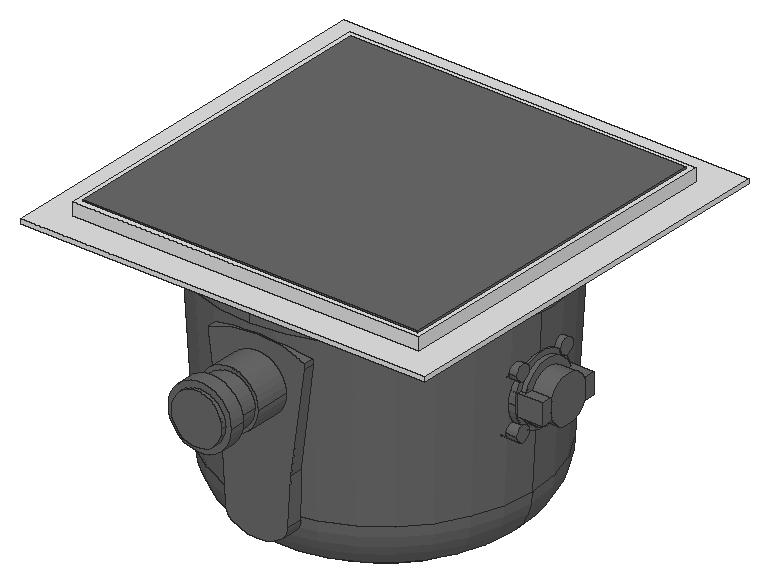
Revit family "280570s(_40)", category Generic Models, Revit 2021
Family settings
  Can host rebar = No
  Round Connector Dimension = Use Diameter
  Part Type = Normal
  Work Plane-Based = No
  Always vertical = Yes
  Cut with Voids When Loaded = No
  Shared = Yes
  Room Calculation Point = No
Parameters (values of type "280570S")
  SUPPLIER = "KESSEL"
  SA700ID50 = "nein"
  SA700ID49 = "Protection Class I"
  SA700ID48 = "no"
  SA700ID47 = "no"
  SA700ID46 = "yes"
  SA700ID37 = 6000 mm
  SA700ID34 = 8
  SA700ID33 = 0.34 W
  SA700ID32 = 10.80 kg
  SA700ID31 = 1
  SA700ID30 = 1
  SA700ID29 = "RWDR"
  SA700ID21 = 600
  SA700ID10 = "No"
  SA700ID08 = 230 V
  PROCUREWEBLINK = "https://p.caden.as/kessel/280570S"
  PROCURELINK = "p.caden.as/kessel/280570S"
  PROCUREDATALASTUPDATE = "2024-05-22T12:17:54.472236775+01:00"
  PREVIEW = "../../bilder/ksb_w_280570s.png"
  PRC_SPECIFICATIONLINK = "https://ausschreiben.de/catalog/kessel/catalogItem/50919aa0-0b56-43c5-8d02-5bb4b387142c"
  NN = "Lifting station Minilift S  Art.-Nr. 28560C"
  NBSYN = "$SA810ID03.(_$L.)"
  NB = "280570S(_40)"
  Model = "280570S"
  Manufacturer = "KESSEL"
  MIdent = "{$CADENAS_DATA/23d-libs/kessel/4/entwaesserung/ktp.prj},198 {VTYP=3D},{NB=280570S(_40)},{LINA=280570S},{NN=Lifting station Minilift S  Art.-Nr. 28560C},{DATE=21.12.2022 12:35:53},{GEOMDATE=21.12.2022 12:35:18},{VERSION=},{LINEID=10},{WBVAR=L},{WBNUMERIC=L}  {NB=280570S(_40)},{LINA=280570S},{KT=DUMMY},{PREVIEW=../../bilder/ksb_w_280570s.png},{SA700ID04=Hebeanlage Minilift S, KTP 300-S1, Bodenplatte, schwarz},{SA810ID06=04026092082553},{LMIN=40.000},{LMAX=200.000},{L=40.000},{SA700ID34=8.00},{SA810ID03=280570S},{SA810ID10=Kessel Minilift S Unterflur, mit schwarzer AbdeckungKleinhebeanlage für fäkalienfreies Abwasser zum Einbau in die Bodenplatte,vormontiert zur bauseitigen Endmontage.- mit teleskopischem Aufsatzstück für stufenlosen Höhen- undNivauausgleich und integriertem Bodenablauf- Bodenteil aus PP, beständig gegen aggressive Abwässer- Inklusive Rückflussverhinderer für die Druckleitung- Inklusive Stutzen DN 50 für Zulauf und Kabelleerrohr- Pumpe mit Freistromrad für höchste Betriebssicherheit- Inklusive Schwimmerschalter zur NiveauerfassungAnlagenart: EinzelanlageFarbe: schwarzAbwasserart: fäkalienfreies AbwasserEinbausituation: innerhalb vom Gebäude - Einbau in die BodenplatteNorm: EN 12050-2Abdeckungsart: Abdeckplatte mit RostAbdeckung Farbe: schwarzVerriegelung: jaBelastungsklasse: K3Länge: 460 mmBreite: 380 mmEinbautiefe T: 330mm - 460 mmZulauf Nennweite: DN50Druckabgang (DN): 32Druckabgang (Da): 40Freier Kugeldurchgang: 10 mmRückflussverhinderer: integriertNutzvolumen: ca. 7,0 lGewicht netto: 11,5 kgPumpentyp: KTP300Anzahl Pumpen: 1Laufrad Typ: FreistromradPumpensteuerung: SchwimmerFördermenge: max. 8,0 m³/hFörderhöhe: max. 6 mFörderguttemperatur dauerhaft (max.): 35 °CNennleistung (P2): 0,21 KWAufnahmeleistung (P1): 0,34 KWBetriebsspannung: 230 V DSNennfrequenz: 50 HzDrehzahl: 2800 1/minNennstrom: 1,6 AAbsicherung: C 16 ASchutzart (Pumpe): IP 68 (3mWS)Betriebsart: S1Temperaturüberwachung: integriertLänge Netzanschlussleitung Pumpe: 5 mTyp Anschlussleitung Pumpe: H07RN-F 3G 1,0 mm²Anschlusstyp: Schuko 2-polig},{SA700ID37=6.00},{SA700ID33=0.34},{SA700ID08=230},{SA700ID30=1},{SA700ID32=10.80},{SA700ID49=Schutzklasse I},{SA700ID50=nein},{SA200ID03=Tauchpumpe},{SA250ID03=vertikal},{SA260ID03=Trockenläuferpumpe},{SA350ID03=normalansaugend},{SA400ID03=E-Motor für Wechselstrom},{SA460ID03=direkt},{SA500ID03=Kunststoff, Edelstahl},{SA700ID06=32},{SA700ID07=50},{SA700ID09=1/N/PE 230V},{SA700ID10=Nein},{SA700ID11=50},{SA700ID12=IP 68},{SA700ID13=F},{SA700ID15=35},{SA700ID21=600.00},{SA700ID22=0.21},{SA700ID23=2800},{SA700ID24=2800},{SA700ID26=2},{SA700ID27=3.80},{SA700ID28=durchgehend},{SA700ID29=RWDR},{SA700ID31=1},{SA700ID46=ja},{SA700ID47=nein},{SA700ID48=nein},{SA110ID04=Hebeanlage Minilift S},{SA300ID03=einstufig},{SA700ID44=MIN},{SA700ID45=MIN},{SA010ID04=KESSEL AG},{L1=40:200},{DNIN1=50},{DNIN2=50},{DNIN3=40},{DNOUT=40},{ISD1=20},{NR=MIN},{SA960ID03=88},{SA960ID04=3L},{SA960ID08=https://www.kessel.de/info?han=280570S},{SA010ID01=010},{SA010ID02=4},{SA010ID06=www.kessel.de},{SA010ID08=4026092000007},{SA100ID01=100},{SA100ID02=4},{SA100ID04=Entwässerung},{SA100ID06=},{SA110ID01=110},{SA110ID02=9},{SA110ID05=},{SA110ID06=Hebeanlage},{SA740ID01=},{SA740ID02=},{SA740ID03=},{SA200ID01=200},{SA200ID02=6},{SA250ID01=250},{SA250ID02=2},{SA260ID01=260},{SA260ID02=2},{SA300ID01=300},{SA300ID02=1},{SA350ID01=350},{SA350ID02=1},{SA400ID01=400},{SA400ID02=1},{SA460ID01=460},{SA460ID02=1},{SA500ID01=500},{SA500ID02=1},{SA700ID01=700},{SA700ID02=88},{SA700ID16=0},{SA700ID25=0},{IGNORIEREN=MIN},{IGNORIERENDUPE1=MIN},{IGNORIERENDUPE2=MIN},{IGNORIERENDUPE3=MIN},{SA800ID01=800},{SA800ID02=2},{SA810ID01=810},{SA810ID02=88},{SA810ID04=280570S},{SA810ID07=88},{SA810ID14=PCE},{SA810ID15=1},{SA810ID16=NMP},{LINK=https://www.kessel.de/info?han=280570S},{IGNORIERENDUPE4=},{SA010ID13=DEU},{SA010ID14=DE},{SA100ID05=Hebeanlage},{SA700ID10_=0},{SA700ID46_=1},{SA700ID47_=0},{SA700ID48_=0},{SA700ID49_=1},{SA700ID50_=0},{SA810ID09=1},{LINK_=https://www.kessel.de/info?han=280570S},{LINK_DEU=https://www.kessel.de/info?han=280570S},{CATEGORY4AB=}"
  LMIN = 40
  LMAX = 200
  LINK = "https://www.kessel.de/info?han=280570S"
  LINA = "280570S"
  L = 40
  Default Elevation = 0 mm
  CREATOR = "CADENAS GmbH"
  CATALOG = "KESSEL"
  BOMINFO = "LINA"
  ARTICLENO = "NB"
  4.810.00.9 Order quantity (multiplicator) = "1"
  4.810.00.7 Media- connection number = "88"
  4.810.00.6 GTIN number = "04026092082553"
  4.810.00.4 DATANORM number = "280570S"
  4.810.00.3 Producer order number = "280570S"
  4.710.03.7 Mass (net) = 10.80 kg
  4.710.03.6 Height = 330 mm
  4.710.03.5 Width = 480 mm
  4.710.03.4 Length = 455 mm
  4.710.03.3 Type of dimensions = "2"
  4.710.02.8 Area of application of wastewater pump = "2"
  4.710.02.6 Duty type = "S1"
  4.710.02.5 Cutting device = "0"
  4.710.02.4 Attached pump control = "1"
  4.710.02.3 Free passage = 10 mm
  4.710.01.6 Option to connect to building automation = "10"
  4.710.01.5 Load regulation = "0"
  4.710.01.4 Designation of closed-loop control = "7"
  4.700.00.9 Voltage = 0
  4.700.00.8 Nominal connection size on suction side = "50"
  4.700.00.7 Nominal connection size on pressure side = "50"
  4.700.00.6 Type of connection = "32"
  4.700.00.4 Product indentification = "Hebeanlage Minilift S, KTP 300-S1, Bodenplatte, schwarz"
  4.700.00.28 Motor pump shaft = "durchgehend"
  4.700.00.27 Starting current = 3.8
  4.700.00.26 Maximum power consumption per pump / drive = 2
  4.700.00.25 Minimum speed at internal speed adjustment = 0
  4.700.00.24 Nominal speed / maximum speed n = 46.6667
  4.700.00.23 Nominal speed of motor = 46.6667
  4.700.00.22 Maximum shaft output (P2) per pump/drive = 0.21 W
  4.700.00.16 Maximum temperature of pumped medium = 0 °C
  4.700.00.15 Increased safety class = "35 °C"
  4.700.00.13 Type of protection = "F"
  4.700.00.12 Frequency = 0
  4.700.00.11 Stern-/Dreieck-Anlaufschaltung bei Dreiphasenanschluss oder Drehstrom = "50 Hz"
  4.700.00.10 Phase = "0"
  4.500.00.3 Variant / Variant type / Accessories-name = "Kunststoff, Edelstahl"
  4.460.00.3 Variant / Variant type / Accessories-name = "direkt"
  4.400.00.3 Variant / Variant type / Accessories-name = "E-Motor für Wechselstrom"
  4.350.00.3 Variant / Variant type / Accessories-name = "normalansaugend"
  4.300.00.3 Variant / Variant type / Accessories-name = "einstufig"
  4.260.00.3 Variant / Variant type / Accessories-name = "Trockenläuferpumpe"
  4.250.00.3 Variant / Variant type / Accessories-name = "vertikal"
  4.200.00.3 Variant / Variant type / Accessories-name = "Tauchpumpe"
  4.110.00.6 Product classification = "Hebeanlage"
  4.110.00.4 Product indentification = "Hebeanlage Minilift S"
  4.100.00.5 Main groups of wares = "Hebeanlage"
  4.100.00.4 Product indentification = "Entwässerung"
  4.010.00.2 Sheet number of the guideline = "4"
Reference planes
  plane 1 "Center (Front/Back)": y = 0
  plane 2: z = 0
  plane 3 "Center (Left/Right)": x = 0
Dimensions and locks
  aligned and locked: level to plane 2
Nested families
  nested 1: "280570s(_40)_content" at (0, 0, 0), type "280570S(_40)_Content"
Connectors
  piping at (202, 0, 171), diameter 40
    settings: on nested 1, index 1, connector inside diameter 609.6 mm, connector length 0 mm, flow factor 0, pipe flow 0.0 L/s, pressure drop 0.0 Pa, fitting loss kfactor 0, connector angle 0.00°, fixture units 0, engagement length 0 mm, angle of deflection 0.00°, flow configuration 0, flow direction 2, fitting loss method 2, system type 29, joint type 0, gender type 0, connector reference index -1, connector utility 0, adjustable connector no, is connector primary yes, connector description ""
Definition of nested family "280570s(_40)_content"
  Parameters (values of type "280570S(_40)_Content")
    SUPPLIER = "KESSEL"
    SA700ID50 = "nein"
    SA700ID49 = "Protection Class I"
    SA700ID48 = "no"
    SA700ID47 = "no"
    SA700ID46 = "yes"
    SA700ID37 = 6000 mm
    SA700ID34 = 8
    SA700ID33 = 0.34 W
    SA700ID32 = 10.80 kg
    SA700ID31 = 1
    SA700ID30 = 1
    SA700ID29 = "RWDR"
    SA700ID21 = 600
    SA700ID10 = "No"
    SA700ID08 = 230 V
    PROCUREWEBLINK = "https://p.caden.as/kessel/280570S"
    PROCURELINK = "p.caden.as/kessel/280570S"
    PROCUREDATALASTUPDATE = "2024-05-22T12:17:54.472236775+01:00"
    PREVIEW = "../../bilder/ksb_w_280570s.png"
    PRC_SPECIFICATIONLINK = "https://ausschreiben.de/catalog/kessel/catalogItem/50919aa0-0b56-43c5-8d02-5bb4b387142c"
    NN = "Lifting station Minilift S  Art.-Nr. 28560C"
    NBSYN = "$SA810ID03.(_$L.)"
    NB = "280570S(_40)"
    Model = "280570S"
    Manufacturer = "KESSEL"
    LMIN = 40
    LMAX = 200
    LINK = "https://www.kessel.de/info?han=280570S"
    LINA = "280570S"
    L = 40
    Default Elevation = 1219.2 mm
    CREATOR = "CADENAS GmbH"
    CATALOG = "KESSEL"
    BOMINFO = "LINA"
    ARTICLENO = "NB"
    4.810.00.9 Order quantity (multiplicator) = "1"
    4.810.00.7 Media- connection number = "88"
    4.810.00.6 GTIN number = "04026092082553"
    4.810.00.4 DATANORM number = "280570S"
    4.810.00.3 Producer order number = "280570S"
    4.710.03.7 Mass (net) = 10.80 kg
    4.710.03.6 Height = 330 mm
    4.710.03.5 Width = 480 mm
    4.710.03.4 Length = 455 mm
    4.710.03.3 Type of dimensions = "2"
    4.710.02.8 Area of application of wastewater pump = "2"
    4.710.02.6 Duty type = "S1"
    4.710.02.5 Cutting device = "0"
    4.710.02.4 Attached pump control = "1"
    4.710.02.3 Free passage = 10 mm
    4.710.01.6 Option to connect to building automation = "10"
    4.710.01.5 Load regulation = "0"
    4.710.01.4 Designation of closed-loop control = "7"
    4.700.00.9 Voltage = 0
    4.700.00.8 Nominal connection size on suction side = "50"
    4.700.00.7 Nominal connection size on pressure side = "50"
    4.700.00.6 Type of connection = "32"
    4.700.00.4 Product indentification = "Hebeanlage Minilift S, KTP 300-S1, Bodenplatte, schwarz"
    4.700.00.28 Motor pump shaft = "durchgehend"
    4.700.00.27 Starting current = 3.8
    4.700.00.26 Maximum power consumption per pump / drive = 2
    4.700.00.25 Minimum speed at internal speed adjustment = 0
    4.700.00.24 Nominal speed / maximum speed n = 46.6667
    4.700.00.23 Nominal speed of motor = 46.6667
    4.700.00.22 Maximum shaft output (P2) per pump/drive = 0.21 W
    4.700.00.16 Maximum temperature of pumped medium = 0 °C
    4.700.00.15 Increased safety class = "35 °C"
    4.700.00.13 Type of protection = "F"
    4.700.00.12 Frequency = 0
    4.700.00.11 Stern-/Dreieck-Anlaufschaltung bei Dreiphasenanschluss oder Drehstrom = "50 Hz"
    4.700.00.10 Phase = "0"
    4.500.00.3 Variant / Variant type / Accessories-name = "Kunststoff, Edelstahl"
    4.460.00.3 Variant / Variant type / Accessories-name = "direkt"
    4.400.00.3 Variant / Variant type / Accessories-name = "E-Motor für Wechselstrom"
    4.350.00.3 Variant / Variant type / Accessories-name = "normalansaugend"
    4.300.00.3 Variant / Variant type / Accessories-name = "einstufig"
    4.260.00.3 Variant / Variant type / Accessories-name = "Trockenläuferpumpe"
    4.250.00.3 Variant / Variant type / Accessories-name = "vertikal"
    4.200.00.3 Variant / Variant type / Accessories-name = "Tauchpumpe"
    4.110.00.6 Product classification = "Hebeanlage"
    4.110.00.4 Product indentification = "Hebeanlage Minilift S"
    4.100.00.5 Main groups of wares = "Hebeanlage"
    4.100.00.4 Product indentification = "Entwässerung"
    4.010.00.2 Sheet number of the guideline = "4"
  Reference planes
    plane 1 "Center (Front/Back)": y = 0
    plane 2: z = 0
    plane 3 "Center (Left/Right)": x = 0
  Forms (mm)
    Extrusion 1, solid, detail levels medium+fine
      sketch origin (0, 0, 0) x (0, 1, 0) y (-1, 0, 0)
        loop
          circle (0, 0) r 110
      from 0 to 66.5
    Revolve 2, solid, detail levels medium+fine
      sketch origin (0, 0, 66.5) x (0, 0, 1) y (-1, 0, 0)
        loop
          line (-61.5, 0) -> (189, 0) -> (189, 174.5) -> (-0.259, 163.499)
          arc (-0.259, 163.499) -> (-43.579, 145.395) -> (-61.5, 102) r 61.5
          line (-61.5, 102) -> (-61.5, 0)
        axis (189, 0) -> (-61.5, 0)
      angle from -360 to 0
    Extrusion 3, solid, detail levels medium+fine
      sketch origin (-150, 0, 193) x (0, -1, 0) y (0, 0, 1)
        loop
          line (-53.15, 37.198) -> (-52.981, 30.888) -> (-37.066, -78.327) -> (-34.544, -131.094)
          arc (-34.544, -131.094) -> (-32.425, -138.461) -> (-27.384, -144.235) r 17.661
          arc (-27.384, -144.235) -> (-18.813, -149.331) -> (-9.223, -152.059) r 38.551
          line (-9.223, -152.059) -> (-7.821, -152.285)
          arc (-7.821, -152.285) -> (-3.921, -152.712) -> (0, -152.853) r 53.771
          arc (0, -152.853) -> (3.921, -152.712) -> (7.821, -152.285) r 53.771
          line (7.821, -152.285) -> (9.223, -152.059)
          arc (9.223, -152.059) -> (18.813, -149.331) -> (27.384, -144.235) r 38.551
          arc (27.384, -144.235) -> (32.425, -138.461) -> (34.544, -131.094) r 17.661
          line (34.544, -131.094) -> (37.066, -78.327) -> (52.981, 30.888) -> (53.15, 37.198)
          arc (53.15, 37.198) -> (44.085, 40.66) -> (34.797, 43.467) r 135.898
          line (34.797, 43.467) -> (27.898, 45.095)
          arc (27.898, 45.095) -> (14.023, 47.252) -> (0, 47.974) r 136.567
          arc (0, 47.974) -> (-14.023, 47.252) -> (-27.898, 45.095) r 136.567
          line (-27.898, 45.095) -> (-34.797, 43.467)
          arc (-34.797, 43.467) -> (-44.085, 40.66) -> (-53.15, 37.198) r 135.898
      from 0 to 25
    Extrusion 4, solid, detail levels medium+fine
      sketch origin (0, 150, 193) x (-1, 0, 0) y (0, 0, 1)
        loop
          line (-53.15, 37.198) -> (-52.981, 30.888) -> (-37.066, -78.327) -> (-34.544, -131.094)
          arc (-34.544, -131.094) -> (-32.425, -138.461) -> (-27.384, -144.235) r 17.661
          arc (-27.384, -144.235) -> (0, -152.853) -> (27.384, -144.235) r 47.815
          arc (27.384, -144.235) -> (32.425, -138.461) -> (34.544, -131.094) r 17.661
          line (34.544, -131.094) -> (37.066, -78.327) -> (52.981, 30.888) -> (53.15, 37.198)
          arc (53.15, 37.198) -> (0, 47.974) -> (-53.15, 37.198) r 136.466
      from 0 to 25
    Extrusion 5, solid, detail levels medium+fine
      sketch origin (0, -150, 193) x (1, 0, 0) y (0, 0, 1)
        loop
          line (-53.15, 37.198) -> (-52.981, 30.888) -> (-37.066, -78.327) -> (-34.544, -131.094)
          arc (-34.544, -131.094) -> (-32.425, -138.461) -> (-27.384, -144.235) r 17.661
          arc (-27.384, -144.235) -> (0, -152.853) -> (27.384, -144.235) r 47.815
          arc (27.384, -144.235) -> (32.425, -138.461) -> (34.544, -131.094) r 17.661
          line (34.544, -131.094) -> (37.066, -78.327) -> (52.981, 30.888) -> (53.15, 37.198)
          arc (53.15, 37.198) -> (0, 47.974) -> (-53.15, 37.198) r 136.466
      from 0 to 25
    Extrusion 6, solid, detail levels medium+fine
      sketch origin (-169.5, 0, 193) x (0, 1, 0) y (0, 0, -1)
        loop
          circle (0, 0) r 32
      from 0 to 37.8
    Extrusion 7, solid, detail levels medium+fine
      sketch origin (-207.3, 0, 193) x (0, 1, 0) y (0, 0, -1)
        loop
          circle (0, 0) r 27.7
      from 0 to 24.75
    Extrusion 8, solid, detail levels medium+fine
      sketch origin (-232, 0, 193) x (0, 1, 0) y (0, 0, -1)
        loop
          circle (0, 0) r 34.75
      from 0 to 15.75
    Extrusion 9, solid, detail levels medium+fine
      sketch origin (-247.75, 0, 193) x (0, 1, 0) y (0, 0, -1)
        loop
          circle (0, 0) r 27.7
      from 0 to 4.6
    Extrusion 10, solid, detail levels medium+fine
      sketch origin (0, -174.5, 193) x (-1, 0, 0) y (0, 0, -1)
        loop
          circle (0, 0) r 32
      from 0 to 37.8
    Extrusion 11, solid, detail levels medium+fine
      sketch origin (0, -212.3, 193) x (-1, 0, 0) y (0, 0, -1)
        loop
          circle (0, 0) r 27.7
      from 0 to 24.75
    Extrusion 12, solid, detail levels medium+fine
      sketch origin (0, -237, 193) x (-1, 0, 0) y (0, 0, -1)
        loop
          circle (0, 0) r 34.75
      from 0 to 15.75
    Extrusion 13, solid, detail levels medium+fine
      sketch origin (0, -252.75, 193) x (-1, 0, 0) y (0, 0, -1)
        loop
          circle (0, 0) r 27.7
      from 0 to 4.6
    Extrusion 14, solid, detail levels medium+fine
      sketch origin (0, 0, 255.5) x (0, 1, 0) y (-1, 0, 0)
        loop
          circle (0, 0) r 184
      from 0 to 29
    Extrusion 15, solid, detail levels medium+fine
      sketch origin (0, 0, 284.5) x (0, 1, 0) y (-1, 0, 0)
        loop
          circle (0, 0) r 190
      from 0 to 5.5
    Extrusion 16, solid, detail levels medium+fine
      sketch origin (0, 0, 290) x (0, 1, 0) y (-1, 0, 0)
        loop
          circle (0, 0) r 185.5
      from 0 to 2
    Extrusion 17, solid, detail levels medium+fine
      sketch origin (-190, -190, 284.5) x (0, 1, 0) y (0, 0, 1)
        loop
          line (0, 7.5) -> (0, 0) -> (380, 0) -> (380, 7.5) -> (0, 7.5)
      from 0 to 380
    Extrusion 18, solid, detail levels medium+fine
      sketch origin (-222, -222, 292) x (0, 1, 0) y (0, 0, 1)
        loop
          line (0, 5) -> (0, 0) -> (444, 0) -> (444, 5) -> (0, 5)
      from 0 to 444
    Extrusion 19, solid, detail levels medium+fine
      sketch origin (-190, -190, 297) x (0, 1, 0) y (0, 0, 1)
        loop
          line (0, 14) -> (0, 0) -> (380, 0) -> (380, 14) -> (0, 14)
      from 0 to 380
    Extrusion 20, solid, detail levels medium+fine
      sketch origin (-184, -184, 311) x (0, 1, 0) y (0, 0, 1)
        loop
          line (0, 1) -> (0, -0.5) -> (368, -0.5) -> (368, 1) -> (0, 1)
      from 0 to 368
    Extrusion 21, solid, detail levels medium+fine
      sketch origin (-28, 119, -0.5) x (0, 1, 0) y (-0.906308, 0, -0.422618)
        loop
          circle (0, 0) r 17.5
      from 0 to 35
    Revolve 22, solid, detail levels medium+fine
      sketch origin (-28, 119, -0.5) x (0, 1, 0) y (0, 0, 1)
        loop
          line (0, 17.5) -> (0, -17.5)
          arc (0, -17.5) -> (17.5, 0) -> (0, 17.5) r 17.5
        axis (0, -17.5) -> (0, 17.5)
      angle from -360 to 0
    Extrusion 23, solid, detail levels medium+fine
      sketch origin (154, 0, 171) x (0, 1, 0) y (0, 0, 1)
        loop
          circle (0, 0) r 37.5
      from 0 to 20
    Extrusion 24, solid, detail levels medium+fine
      sketch origin (164, 0, 171) x (0, 1, 0) y (0, 0, 1)
        loop
          circle (0, 0) r 32.5
      from 0 to 16
    Extrusion 25, solid, detail levels medium+fine
      sketch origin (170, 0, 171) x (0, 1, 0) y (0, 0, 1)
        loop
          circle (0, 0) r 25
      from 0 to 32
    Extrusion 26, solid, detail levels medium+fine
      sketch origin (162, 23.5, 159.5) x (0, 1, 0) y (0, 0, 1)
        loop
          line (0, 23) -> (0, 0) -> (12, 0) -> (12, 23) -> (0, 23)
      from 0 to 40
    Extrusion 27, solid, detail levels medium+fine
      sketch origin (162, -23.5, 182.5) x (0, -1, 0) y (0, 0, -1)
        loop
          line (0, 23) -> (0, 0) -> (12, 0) -> (12, 23) -> (0, 23)
      from 0 to 40
    Extrusion 28, solid, detail levels medium+fine
      sketch origin (156.5, 30, 201) x (0, 1, 0) y (0, 0, 1)
        loop
          circle (0, 0) r 8.3
      from 0 to 20
    Extrusion 29, solid, detail levels medium+fine
      sketch origin (156.5, -30, 201) x (0, 1, 0) y (0, 0, 1)
        loop
          circle (0, 0) r 8.3
      from 0 to 20
    Extrusion 30, solid, detail levels medium+fine
      sketch origin (156.5, 30, 141) x (0, 1, 0) y (0, 0, 1)
        loop
          circle (0, 0) r 8.3
      from 0 to 20
    Extrusion 31, solid, detail levels medium+fine
      sketch origin (156.5, -30, 141) x (0, 1, 0) y (0, 0, 1)
        loop
          circle (0, 0) r 8.3
      from 0 to 20
    Extrusion 32, solid, detail levels medium+fine
      sketch origin (102.5, 177.5, 279.5) x (0, 1, 0) y (-1, 0, 0)
        loop
          line (-32.481, 3.742) -> (-6.5, -11.258)
          arc (-6.5, -11.258) -> (11.258, -6.5) -> (6.5, 11.258) r 13
          line (6.5, 11.258) -> (-19.481, 26.258) -> (-32.481, 3.742)
      from 0 to 10.5
    Extrusion 33, solid, detail levels medium+fine
      sketch origin (-102.5, -177.5, 279.5) x (0, 1, 0) y (-1, 0, 0)
        loop
          arc (6.5, 11.258) -> (-11.258, 6.5) -> (-6.5, -11.258) r 13
          line (-6.5, -11.258) -> (19.481, -26.258) -> (32.481, -3.742) -> (6.5, 11.258)
      from 0 to 10.5
    Extrusion 34, solid, detail levels medium+fine
      sketch origin (-102.5, 177.5, 279.5) x (0, 1, 0) y (-1, 0, 0)
        loop
          line (-32.481, -3.742) -> (-19.481, -26.258) -> (6.5, -11.258)
          arc (6.5, -11.258) -> (11.258, 6.5) -> (-6.5, 11.258) r 13
          line (-6.5, 11.258) -> (-32.481, -3.742)
      from 0 to 10.5
    Extrusion 35, solid, detail levels medium+fine
      sketch origin (102.5, -177.5, 279.5) x (0, 1, 0) y (-1, 0, 0)
        loop
          arc (-6.5, 11.258) -> (-11.258, -6.5) -> (6.5, -11.258) r 13
          line (6.5, -11.258) -> (32.481, 3.742) -> (19.481, 26.258) -> (-6.5, 11.258)
      from 0 to 10.5
    Extrusion 36, solid, detail levels coarse
      sketch origin (-15.175, -17.675, -18) x (1, 0, 0) y (0, 1, 0)
        loop
          line (-237.175, -239.675) -> (237.175, -239.675) -> (237.175, 239.675) -> (-237.175, 239.675) -> (-237.175, -239.675)
      from 0 to 330
  Dimensions and locks
    aligned and locked: level to plane 2
